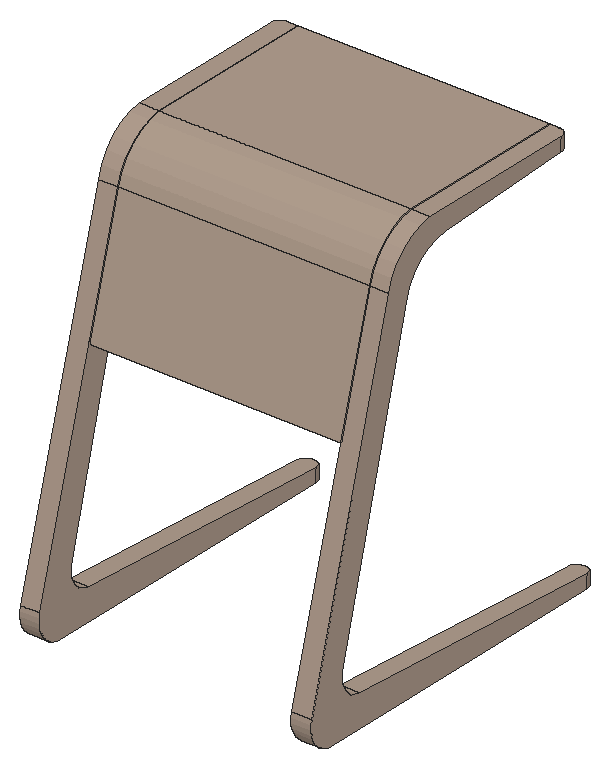
Revit family "Tables-Casual-Naughtone-Riley", category Furniture, Revit 2014
Parameters (values of type "Riley Laptop Table")
  WarrantyStartDate = ""
  WarrantyGuarantorParts = "sales@naughtone.com"  # constant formula
  WarrantyGuarantorLabour = "sales@naughtone.com"  # constant formula
  WarrantyDuration = 60
  Uniclass = "Pr_40_50_21"  # constant formula
  URL = "http://www.naughtone.com"
  TypeName = "450mm550mmx650mm Riley Table"  # constant formula
  TagNumber = 0
  SerialNumber = 0
  Product URL = "http://www.naughtone.com/portfolio-view/riley"  # constant formula
  Product Code = "RLY"  # constant formula
  Option = ""
  Name = "Furniture-Table-Casual-Riley_Table"  # constant formula
  Model = "Riley Table"  # constant formula
  Material Legs = Laminate-Gen-Maple-Smooth
  Material Frame = Laminate-Gen-Maple-Smooth_90
  Manufacturer = "Naughtone"  # constant formula
  Length = 450 mm  # constant formula
  InstallationDate = ""
  Height = 650 mm  # constant formula
  Features = ""
  Extidentifier = ""
  Description = "Riley Table"  # constant formula
  Depth = 550 mm  # constant formula
  Current Revision = 1  # constant formula
  Created On = "2014.07.16"  # constant formula
  Created By = "www.bimbox.co.uk"  # constant formula
  Cost = 0
  Contact Telephone Number = "+44 1423 816500"  # constant formula
  Contact Email Address = "sales@naughtone.com"  # constant formula
  COBie Description = "Riley is a beautifully crafted solid oak pull-up table,\r\nsized perfectly to slide over benches, sofa arms or chair\r\narms. The riley is available with an optional lino insert\r\nand handy routed slots for pens, pencils and cups."  # constant formula
  Barcode = 0
  Author = "BIMBox"  # constant formula
  AssetIdentifier = "RLY"  # constant formula
Reference planes
  plane 1 "Center (Front/Back)": y = 0
  plane 2: z = 0
  plane 3 "Center (Left/Right)": x = 0
Forms (mm)
  Extrusion 1, solid, material "Laminate-Gen-Maple-Smooth" <- "Material Legs"
    sketch origin (0, 0, 0) x (0, 1, 0) y (0, 0, 1)
      loop
        line (-214.501, 93.478) -> (-91.562, 552.293)
        arc (-91.562, 552.293) -> (-62.993, 597.138) -> (-13.868, 617.486) r 88.412
        line (-13.868, 617.486) -> (225.178, 630.014) -> (225.178, 650.046) -> (-43.621, 650.046)
        arc (-43.621, 650.046) -> (-94.537, 626.539) -> (-123.237, 578.36) r 94.73
        line (-123.237, 578.36) -> (-273.668, 53.745)
        arc (-273.668, 53.745) -> (-268.688, 19.204) -> (-239.548, 0) r 42.56
        line (-239.548, 0) -> (274.921, 0) -> (274.921, 20) -> (-179.447, 49.376)
        arc (-179.447, 49.376) -> (-206.75, 63.656) -> (-214.501, 93.478) r 38.011
    from 195 to 225
  Extrusion 2, void
    sketch origin (0, 0, 0) x (1, 0, 0) y (0, 1, 0)
      loop
        arc (210, 274.921) -> (220.607, 270.527) -> (225, 259.921) r 15
        line (225, 259.921) -> (225, 275.516) -> (195, 275.516) -> (195, 259.921)
        arc (195, 259.921) -> (199.393, 270.527) -> (210, 274.921) r 15
    from 0 to 28.819
  Extrusion 3, void
    sketch origin (0, -50, 0) x (1, 0, 0) y (0, 1, 0)
      loop
        arc (210, 274.921) -> (220.607, 270.527) -> (225, 259.921) r 15
        line (225, 259.921) -> (225, 276.765) -> (210, 276.765) -> (210, 274.921)
    from 622.767 to 652.538
  Extrusion 4, solid, material "Laminate-Gen-Maple-Smooth" <- "Material Legs"
    sketch origin (0, 0, 0) x (0, 1, 0) y (0, 0, -1)
      loop
        arc (-214.501, -93.478) -> (-206.75, -63.656) -> (-179.447, -49.376) r 38.011
        line (-179.447, -49.376) -> (274.921, -20) -> (274.921, 0) -> (-239.548, 0)
        arc (-239.548, 0) -> (-268.688, -19.204) -> (-273.668, -53.745) r 42.56
        line (-273.668, -53.745) -> (-123.237, -578.36)
        arc (-123.237, -578.36) -> (-94.537, -626.539) -> (-43.621, -650.046) r 94.73
        line (-43.621, -650.046) -> (225.178, -650.046) -> (225.178, -630.014) -> (-13.868, -617.486)
        arc (-13.868, -617.486) -> (-62.993, -597.138) -> (-91.562, -552.293) r 88.412
        line (-91.562, -552.293) -> (-214.501, -93.478)
    from 195 to 225
  Extrusion 5, void
    sketch origin (0, 0, 0) x (-1, 0, 0) y (0, -1, 0)
      loop
        arc (210, -274.921) -> (199.393, -270.527) -> (195, -259.921) r 15
        line (195, -259.921) -> (195, -275.516) -> (225, -275.516) -> (225, -259.921)
        arc (225, -259.921) -> (220.607, -270.527) -> (210, -274.921) r 15
    from 0 to 28.819
  Extrusion 6, void
    sketch origin (0, -50, 0) x (-1, 0, 0) y (0, -1, 0)
      loop
        line (210, -274.921) -> (210, -276.765) -> (225, -276.765) -> (225, -259.921)
        arc (225, -259.921) -> (220.607, -270.527) -> (210, -274.921) r 15
    from 622.767 to 652.538
  Extrusion 7, solid, material "Laminate-Gen-Maple-Smooth_90" <- "Material Frame"
    sketch origin (0, 0, 0) x (0, 1, 0) y (0, 0, 1)
      loop
        line (225.178, 650.046) -> (-43.621, 650.046)
        arc (-43.621, 650.046) -> (-94.537, 626.539) -> (-123.237, 578.36) r 94.73
        line (-123.237, 578.36) -> (-178.669, 385.046) -> (-163.065, 385.046) -> (-108.727, 574.545)
        arc (-108.727, 574.545) -> (-84.964, 614.97) -> (-42.587, 635.046) r 79.73
        line (-42.587, 635.046) -> (225.178, 635.046) -> (225.178, 650.046)
    from -195 to 195
Cuts and joins
  Extrusion 2, Extrusion 3, Extrusion 5, Extrusion 6 cuts Extrusion 1
  Extrusion 5, Extrusion 6 cuts Extrusion 4
Dimensions and locks
  aligned and locked: level to plane 2
